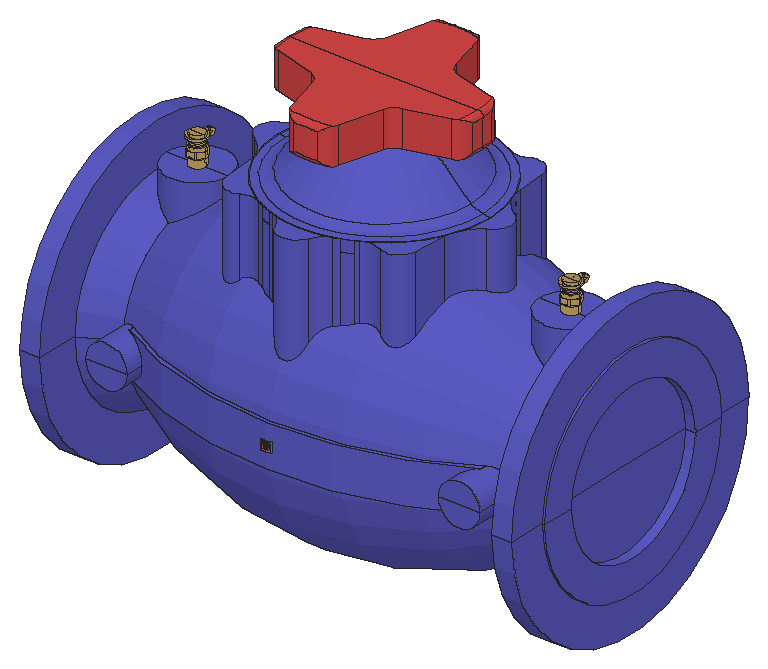
Revit family "HERZ Strömax Commissioning Valve With Test points, Straight Body 4218 GMF", category Rohrzubehör, Revit 2020
Family settings
  Bemaßung runder Anschluss = Durchmesser verwenden
  Teiletyp = Unterbricht
  OmniClass-Nummer = 23.65.55.14
  OmniClass-Titel = Valves for Liquid Services
  Arbeitsebenenbasiert = Nein
  Immer vertikal = Ja
  Beim Laden mit Abzugskörper schneiden = Nein
  Gemeinsam genutzt = Nein
Parameters
  kvs-value [instance] = if(Nennweite = 25.00 mm, 11.53, if(Nennweite = 32.00 mm, 16.6, if(Nennweite = 40.00 mm, 28.6, if(Nennweite = 50.00 mm, 37.84, if(Nennweite = 65.00 mm, 60.3, if(Nennweite = 80.00 mm, 67.8, if(Nennweite = 100.00 mm, 99.55, if(Nennweite = 125.00 mm, 186.58, if(Nennweite = 150.00 mm, 279.05, 0)))))))))  # 279.05
  W02 = 60.00°  # constant formula
  W01 [instance] = if(Nennweite = 25.00 mm, 10.00°, if(Nennweite = 32.00 mm, 10.00°, if(Nennweite = 40.00 mm, 15.00°, if(Nennweite = 50.00 mm, 10.00°, if(Nennweite = 65.00 mm, 25.00°, if(Nennweite = 80.00 mm, 25.00°, 0.80°))))))  # 0.80°
  Vorgabe-Ansicht = 0.00 mm
  Upper part (up to DN100) = "brass"  # constant formula
  Upper part (from DN125) = "grey cast iron"  # constant formula
  URL = "www.herzvalves.com"
  SCRNSEQ = "ARM;ARM_TYP=\"STRV\";2"
  SCRNCODE = "05;07;02"  # constant formula
  S01 [instance] = Nennweite + 10.00 mm  # 160.00 mm
  R02 [instance] = size_lookup("4218_GMF_", "R2", 1.00 mm, Nennweite)  # 30.00 mm
  R01 [instance] = size_lookup("4218_GMF_", "R1", 1.00 mm, Nennweite)  # 20.00 mm
  Part number [instance] = size_lookup("4218_GMF_", "Artnr", 0, Nennweite)  # 1421851
  O-Ring = "EPDM"  # constant formula
  Nennweite [instance] = 150.00 mm
  Model = "The STRÖMAX GMF commissioning valve with measuring valve, straight body DN 25 - 150:\r\nBody of grey cast iron GJL 250 according to EN 1561, flange according to EN 1092, PN 16;\r\nlength according to ÖNORM EN-558-1, basic series 1; painted blue.\r\nThermostatic upper part of brass to DN 100; from DN 125 thermstatic upper part of grey cast iron.\r\nDigital display of the pre-setting levels.\r\nNon-rising spindle with double O-ring seal."
  Medium = "Water purity in accordance with the ÖNORM H 5195 and VDI 2035 standards.\r\nEthylene and propylene glycol can be used in a ratio of 25-50 vol. [%] are mixed."
  Max. operating pressure = 1600000.0 Pa  # constant formula
  Max. operating temperature (up to DN32) = 130 °C  # constant formula
  Max. operating temperature (from DN40) = 110 °C  # constant formula
  L03 [instance] = size_lookup("4218_GMF_", "L3", 1.00 mm, Nennweite)  # 180.00 mm
  L02 [instance] = size_lookup("4218_GMF_", "L2", 1.00 mm, Nennweite)  # 170.00 mm
  L01 [instance] = size_lookup("4218_GMF_", "L1", 1.00 mm, Nennweite)  # 185.00 mm
  L00 [instance] = size_lookup("4218_GMF_", "L", 1.00 mm, Nennweite)  # 480.00 mm
  Hersteller = "HERZ Armaturen Ges.m.b.H."  # constant formula
  H08 [instance] = H02 + H04  # 238.50 mm
  H07 = 10.00 mm  # constant formula
  H06 [instance] = size_lookup("4218_GMF_", "H6", 1.00 mm, Nennweite)  # 56.00 mm
  H05 [instance] = size_lookup("4218_GMF_", "H5", 1.00 mm, Nennweite)  # 11.00 mm
  H04 [instance] = size_lookup("4218_GMF_", "H4", 1.00 mm, Nennweite)  # 78.50 mm
  H03 [instance] = size_lookup("4218_GMF_", "H3", 1.00 mm, Nennweite)  # 118.00 mm
  H02N [instance] = H02 + 11.00 mm  # 171.00 mm
  H02 [instance] = size_lookup("4218_GMF_", "H2", 1.00 mm, Nennweite)  # 160.00 mm
  H01 [instance] = size_lookup("4218_GMF_", "H1", 1.00 mm, Nennweite)  # 122.00 mm
  GT = 10.00 mm  # constant formula
  Field of application = "For hydraulic balancing in heating or cooling systems, regulating and shutting off distribution circuits, heat ex-changers, heating and cooling terminals."
  FLL02 [instance] = size_lookup("4218_GMF_", "FLL2", 1.00 mm, Nennweite)  # 19.00 mm
  FLL01 [instance] = size_lookup("4218_GMF_", "FLL1", 1.00 mm, Nennweite)  # 3.00 mm
  FLD03 [instance] = size_lookup("4218_GMF_", "FLD3", 1.00 mm, Nennweite)  # 84.20 mm
  FLD02 [instance] = size_lookup("4218_GMF_", "FLD2", 1.00 mm, Nennweite)  # 101.00 mm
  FLD01 [instance] = size_lookup("4218_GMF_", "FLD1", 1.00 mm, Nennweite)  # 106.00 mm
  FLD00 [instance] = size_lookup("4218_GMF_", "FLD", 1.00 mm, Nennweite)  # 142.50 mm
  Differential pressure measurement = "The STRÖMAX GMF double regulating and commissioning valve is equipped with two test points:\r\nIf a suitable measuring device is used, the differential pressure can be measured and the respective flow rate can be determined depending on the setting level.\r\nThe respective flow rate can also be read directly on the HERZ measuring computer (see device manual)."
  DN80 [instance] = Nennweite = 80.00 mm  # no
  DN65 [instance] = Nennweite = 65.00 mm  # no
  DN50-DN80 [instance] = or(Nennweite = 50.00 mm, Nennweite = 65.00 mm, Nennweite = 80.00 mm)  # no
  DN50 [instance] = Nennweite = 50.00 mm  # no
  DN40 [instance] = Nennweite = 40.00 mm  # no
  DN32 [instance] = Nennweite = 32.00 mm  # no
  DN25-DN40 [instance] = or(Nennweite = 25.00 mm, Nennweite = 32.00 mm, Nennweite = 40.00 mm)  # no
  DN25 [instance] = Nennweite = 25.00 mm  # no
  DN150 [instance] = Nennweite = 150.00 mm  # yes
  DN125 [instance] = Nennweite = 125.00 mm  # no
  DN100-DN125 [instance] = or(Nennweite = 100.00 mm, Nennweite = 125.00 mm, Nennweite = 150.00 mm)  # yes
  DN100 [instance] = Nennweite = 100.00 mm  # no
  D04 [instance] = size_lookup("4218_GMF_", "D4", 1.00 mm, Nennweite)  # 15.00 mm
  D03 [instance] = size_lookup("4218_GMF_", "D3", 1.00 mm, Nennweite)  # 16.00 mm
  D02 [instance] = size_lookup("4218_GMF_", "D2", 1.00 mm, Nennweite)  # 17.00 mm
  D01 [instance] = size_lookup("4218_GMF_", "D1", 1.00 mm, Nennweite)  # 102.50 mm
  D00 [instance] = size_lookup("4218_GMF_", "D", 1.00 mm, Nennweite)  # 140.00 mm
  Body = "grey cast iron GJL 250 according to EN 1561"  # constant formula
  BH02 [instance] = -BH01  # -20.00 mm
  BH01 [instance] = if(Nennweite = 25.00 mm, 12.00 mm, if(Nennweite = 32.00 mm, 12.50 mm, if(Nennweite = 40.00 mm, 12.50 mm, if(Nennweite = 50.00 mm, 12.50 mm, if(Nennweite = 65.00 mm, 15.00 mm, if(Nennweite = 80.00 mm, 16.00 mm, if(Nennweite = 100.00 mm, 17.50 mm, if(Nennweite = 125.00 mm, 17.50 mm, if(Nennweite = 150.00 mm, 20.00 mm, 1.00 mm)))))))))  # 20.00 mm
  Anschluss [instance] = Nennweite / 2  # 75.00 mm
Reference planes
  plane 1 "Mitte (Vorne/hinten)": y = 0
  plane 2: z = 0
  plane 3 "Mitte (Links/rechts)": x = 0
Forms (mm)
  Revolve 1, solid, material "Herz-Marineblau", detail levels fine
    sketch origin (1058.943, 0, 0) x (1, 0, 0) y (0, 1, 0)
      loop
        line (-1295.943, 142.5) -> (-1295.943, 106) -> (-1298.943, 106) -> (-1298.943, 75) -> (-1288.943, 75) -> (-1288.943, 0) -> (-828.943, 0) -> (-828.943, 75) -> (-818.943, 75) -> (-818.943, 106) -> (-821.943, 106) -> (-821.943, 142.5) -> (-840.943, 142.5) -> (-840.943, 101) -> (-873.943, 84.2)
        arc (-873.943, 84.2) -> (-1058.943, 140) -> (-1243.943, 84.2) r 334.576
        line (-1243.943, 84.2) -> (-1276.943, 101) -> (-1276.943, 142.5) -> (-1295.943, 142.5)
      axis (-1298.943, 0) -> (-818.943, 0)
    angle from 0 to 360
  Revolve 2, solid, material "Herz-Marineblau", detail levels fine
    sketch origin (0, 0, 0) x (1, 0, 0) y (0, 1, 0)
      loop
        line (-170, 122) -> (-190, 122) -> (-190, -122) -> (-170, -122) -> (-170, 122)
      axis (-170, 122) -> (-170, -122)
    angle from 0 to 360
  Revolve 3, solid, material "Herz-Marineblau", detail levels fine
    sketch origin (0, 0, 0) x (-1, 0, 0) y (0, 1, 0)
      loop
        line (-170, 122) -> (-190, 122) -> (-190, -122) -> (-170, -122) -> (-170, 122)
      axis (-170, 122) -> (-170, -122)
    angle from 0 to 360
  Revolve 4, solid, material "Herz-Marineblau", detail levels fine
    sketch origin (0, 0, 0) x (1, 0, 0) y (0, 0, 1)
      loop
        line (0, 0) -> (0, 160) -> (-102.5, 160) -> (-102.5, 0) -> (0, 0)
      axis (0, 160) -> (0, 0)
    angle from 0 to 360
  Revolve 5, solid, material "Herz-Marineblau", detail levels fine
    sketch origin (0, 0, 0) x (1, 0, 0) y (0, 0, 1)
      loop
        line (-178.413, 4.322) -> (-148.416, 4.741) -> (-150.003, 118.419) -> (-180, 118) -> (-178.413, 4.322)
      axis (-180, 118) -> (-178.413, 4.322)
    angle from 0 to 360
  Revolve 6, solid, material "Herz-Marineblau", detail levels fine
    sketch origin (0, 0, 0) x (-1, 0, 0) y (0, 0, 1)
      loop
        line (-178.413, 4.322) -> (-148.416, 4.741) -> (-150.003, 118.419) -> (-180, 118) -> (-178.413, 4.322)
      axis (-180, 118) -> (-178.413, 4.322)
    angle from 0 to 360
  Extrusion 7, solid, material "Herz-Marineblau", visible <- "DN25", detail levels fine
    sketch origin (0, 0, 0) x (1, 0, 0) y (0, 1, 0)
      loop
        line (-40, 18.232) -> (-40, -18.232)
        arc (-40, -18.232) -> (0, -31) -> (40, -18.232) r 69.038
        line (40, -18.232) -> (40, 18.232)
        arc (40, 18.232) -> (0, 31) -> (-40, 18.232) r 69.038
    from -20 <- "BH02" to 20 <- "BH01"
  Extrusion 8, solid, material "Herz-Marineblau", visible <- "DN32", detail levels fine
    sketch origin (0, 0, 0) x (1, 0, 0) y (0, 1, 0)
      loop
        line (-50, 21.35) -> (-50, -21.35)
        arc (-50, -21.35) -> (0, -37) -> (50, -21.35) r 87.698
        line (50, -21.35) -> (50, 21.35)
        arc (50, 21.35) -> (0, 37) -> (-50, 21.35) r 87.698
    from -20 <- "BH02" to 20 <- "BH01"
  Extrusion 9, solid, material "Herz-Marineblau", visible <- "DN40", detail levels fine
    sketch origin (0, 0, 0) x (1, 0, 0) y (0, 1, 0)
      loop
        arc (-60, -22.89) -> (0, -39) -> (60, -22.89) r 119.787
        line (60, -22.89) -> (60, 22.89)
        arc (60, 22.89) -> (0, 39) -> (-60, 22.89) r 119.787
        line (-60, 22.89) -> (-60, -22.89)
    from -20 <- "BH02" to 20 <- "BH01"
  Extrusion 10, solid, material "Herz-Marineblau", visible <- "DN50", detail levels fine
    sketch origin (0, 0, 0) x (1, 0, 0) y (0, 1, 0)
      loop
        line (70, -31.244) -> (70, 31.244)
        arc (70, 31.244) -> (0, 44) -> (-70, 31.244) r 198.442
        line (-70, 31.244) -> (-70, -31.244)
        arc (-70, -31.244) -> (0, -44) -> (70, -31.244) r 198.442
    from -20 <- "BH02" to 20 <- "BH01"
  Extrusion 11, solid, material "Herz-Marineblau", visible <- "DN65", detail levels fine
    sketch origin (0, 0, 0) x (1, 0, 0) y (0, 1, 0)
      loop
        line (-89, 42.065) -> (-89, -42.065)
        arc (-89, -42.065) -> (0, -53) -> (89, -42.065) r 367.662
        line (89, -42.065) -> (89, 42.065)
        arc (89, 42.065) -> (0, 53) -> (-89, 42.065) r 367.662
    from -20 <- "BH02" to 20 <- "BH01"
  Extrusion 12, solid, material "Herz-Marineblau", visible <- "DN80", detail levels fine
    sketch origin (0, 0, 0) x (1, 0, 0) y (0, 1, 0)
      loop
        arc (-100, -47.474) -> (0, -56.538) -> (100, -47.474) r 556.156
        line (100, -47.474) -> (100, 47.474)
        arc (100, 47.474) -> (0, 56.538) -> (-100, 47.474) r 556.156
        line (-100, 47.474) -> (-100, -47.474)
    from -20 <- "BH02" to 20 <- "BH01"
  Extrusion 13, solid, material "Herz-Marineblau", visible <- "DN100", detail levels fine
    sketch origin (0, 0, 0) x (1, 0, 0) y (0, 1, 0)
      loop
        line (-118, 61.457) -> (-118, -61.457)
        arc (-118, -61.457) -> (0, -84.506) -> (118, -61.457) r 313.571
        line (118, -61.457) -> (118, 61.457)
        arc (118, 61.457) -> (0, 84.506) -> (-118, 61.457) r 313.571
    from -20 <- "BH02" to 20 <- "BH01"
  Extrusion 14, solid, material "Herz-Marineblau", visible <- "DN125", detail levels fine
    sketch origin (0, 0, 0) x (1, 0, 0) y (0, 1, 0)
      loop
        line (-140, 76.087) -> (-140, -76.087)
        arc (-140, -76.087) -> (0, -121.009) -> (140, -76.087) r 240.621
        line (140, -76.087) -> (140, 76.087)
        arc (140, 76.087) -> (0, 121.009) -> (-140, 76.087) r 240.621
    from -20 <- "BH02" to 20 <- "BH01"
  Extrusion 15, solid, material "Herz-Marineblau", visible <- "DN150", detail levels fine
    sketch origin (0, 0, 0) x (1, 0, 0) y (0, 1, 0)
      loop
        arc (-170, -95.905) -> (0, -141.967) -> (170, -95.905) r 336.739
        line (170, -95.905) -> (170, 95.905)
        arc (170, 95.905) -> (0, 141.967) -> (-170, 95.905) r 336.739
        line (-170, 95.905) -> (-170, -95.905)
    from -20 <- "BH02" to 20 <- "BH01"
  Extrusion 16, solid, material "Herz-Marineblau", visible <- "DN125", detail levels fine
    sketch origin (0, 0, 0) x (1, 0, 0) y (0, 1, 0)
      loop
        arc (15.676, 98.149) -> (0, 109.5) -> (-15.676, 98.149) r 16.5
        arc (-15.676, 98.149) -> (-20.502, 90.282) -> (-28.346, 85.419) r 20
        arc (-28.346, 85.419) -> (-34.369, 83.168) -> (-40.215, 80.492) r 90
        arc (-40.215, 80.492) -> (-49.468, 78.32) -> (-58.678, 80.663) r 20
        arc (-58.678, 80.663) -> (-75.166, 79.318) -> (-82.2, 64.344) r 16.5
        line (-82.2, 64.344) -> (-85.23, 28.819)
        arc (-85.23, 28.819) -> (-90.21, 20.539) -> (-98.49, 15.56) r 20
        arc (-98.49, 15.56) -> (-109.5, 0) -> (-98.49, -15.56) r 16.5
        arc (-98.49, -15.56) -> (-90.21, -20.539) -> (-85.23, -28.819) r 20
        line (-85.23, -28.819) -> (-82.2, -64.344)
        arc (-82.2, -64.344) -> (-75.166, -79.318) -> (-58.678, -80.663) r 16.5
        arc (-58.678, -80.663) -> (-49.468, -78.32) -> (-40.215, -80.492) r 20
        arc (-40.215, -80.492) -> (-34.369, -83.168) -> (-28.346, -85.419) r 90
        arc (-28.346, -85.419) -> (-20.502, -90.282) -> (-15.676, -98.149) r 20
        arc (-15.676, -98.149) -> (0, -109.5) -> (15.676, -98.149) r 16.5
        arc (15.676, -98.149) -> (20.502, -90.282) -> (28.346, -85.419) r 20
        arc (28.346, -85.419) -> (34.369, -83.168) -> (40.215, -80.492) r 90
        arc (40.215, -80.492) -> (49.468, -78.32) -> (58.678, -80.663) r 20
        arc (58.678, -80.663) -> (75.166, -79.318) -> (82.2, -64.344) r 16.5
        line (82.2, -64.344) -> (85.23, -28.819)
        arc (85.23, -28.819) -> (90.21, -20.539) -> (98.49, -15.56) r 20
        arc (98.49, -15.56) -> (109.5, 0) -> (98.49, 15.56) r 16.5
        arc (98.49, 15.56) -> (90.21, 20.539) -> (85.23, 28.819) r 20
        line (85.23, 28.819) -> (82.2, 64.344)
        arc (82.2, 64.344) -> (75.166, 79.318) -> (58.678, 80.663) r 16.5
        arc (58.678, 80.663) -> (49.468, 78.32) -> (40.215, 80.492) r 20
        arc (40.215, 80.492) -> (34.369, 83.168) -> (28.346, 85.419) r 90
        arc (28.346, 85.419) -> (20.502, 90.282) -> (15.676, 98.149) r 20
    from 0 to 171 <- "H02N"
  Extrusion 17, solid, material "Herz-Marineblau", visible <- "DN150", detail levels fine
    sketch origin (0, 0, 0) x (1, 0, 0) y (0, 1, 0)
      loop
        arc (16.1, 110.958) -> (0, 122.5) -> (-16.1, 110.958) r 17
        arc (-16.1, 110.958) -> (-21.16, 102.981) -> (-29.318, 98.218) r 19.995
        arc (-29.318, 98.218) -> (-39.225, 94.698) -> (-48.72, 90.181) r 102.5
        arc (-48.72, 90.181) -> (-57.856, 87.781) -> (-67.075, 89.844) r 19.995
        arc (-67.075, 89.844) -> (-82.996, 89.381) -> (-91.547, 75.943) r 17
        line (-91.547, 75.943) -> (-94.4, 39.936)
        arc (-94.4, 39.936) -> (-101.42, 25.402) -> (-113.679, 14.903) r 39.4
        arc (-113.679, 14.903) -> (-122.5, 0) -> (-113.679, -14.903) r 17
        arc (-113.679, -14.903) -> (-101.42, -25.402) -> (-94.4, -39.936) r 39.4
        line (-94.4, -39.936) -> (-91.547, -75.943)
        arc (-91.547, -75.943) -> (-82.996, -89.381) -> (-67.075, -89.844) r 17
        arc (-67.075, -89.844) -> (-57.856, -87.781) -> (-48.72, -90.181) r 19.995
        arc (-48.72, -90.181) -> (-39.225, -94.698) -> (-29.318, -98.218) r 102.5
        arc (-29.318, -98.218) -> (-21.16, -102.981) -> (-16.1, -110.958) r 19.995
        arc (-16.1, -110.958) -> (0, -122.5) -> (16.1, -110.958) r 17
        arc (16.1, -110.958) -> (21.16, -102.981) -> (29.318, -98.218) r 19.995
        arc (29.318, -98.218) -> (39.225, -94.698) -> (48.72, -90.181) r 102.5
        arc (48.72, -90.181) -> (57.856, -87.781) -> (67.075, -89.844) r 19.995
        arc (67.075, -89.844) -> (82.996, -89.381) -> (91.547, -75.943) r 17
        line (91.547, -75.943) -> (93.96, -45.484)
        arc (93.96, -45.484) -> (99.132, -28.867) -> (110.958, -16.1) r 39.4
        arc (110.958, -16.1) -> (122.5, 0) -> (110.958, 16.1) r 17
        arc (110.958, 16.1) -> (99.132, 28.867) -> (93.96, 45.484) r 39.4
        line (93.96, 45.484) -> (91.547, 75.943)
        arc (91.547, 75.943) -> (82.996, 89.381) -> (67.075, 89.844) r 17
        arc (67.075, 89.844) -> (57.856, 87.781) -> (48.72, 90.181) r 19.995
        arc (48.72, 90.181) -> (39.225, 94.698) -> (29.318, 98.218) r 102.5
        arc (29.318, 98.218) -> (21.16, 102.981) -> (16.1, 110.958) r 19.995
    from 0 to 171 <- "H02N"
  Revolve 18, solid, material "Herz-Marineblau", detail levels fine
    sketch origin (0, 0, 0) x (1, 0, 0) y (0, 0, 1)
      loop
        line (0, 160) -> (0, 238.5) -> (-15, 238.5) -> (-15, 228.5) -> (-16, 228.5) -> (-16, 227) -> (-17, 227) -> (-17, 171) -> (-102.5, 171) -> (-102.5, 160) -> (0, 160)
      axis (0, 238.5) -> (0, 160)
    angle from 0 to 360
  Revolve 19, solid, material "Herz-Marineblau", visible <- "DN125", detail levels fine
    sketch origin (0, 0, 143) x (1, 0, 0) y (0, 0, 1)
      loop
        line (0, 0) -> (0, 62) -> (-15, 62) -> (-15, 52) -> (-21.8, 52)
        arc (-21.8, 52) -> (-23.44, 48.297) -> (-27.284, 47.023) r 5
        arc (-27.284, 47.023) -> (-30.294, 46.63) -> (-32.827, 44.959) r 6.752
        arc (-32.827, 44.959) -> (-52.854, 27.042) -> (-71.197, 7.406) r 300
        arc (-71.197, 7.406) -> (-77.249, 2.612) -> (-84.666, 0.467) r 20
        line (-84.666, 0.467) -> (-90, 0) -> (0, 0)
      axis (0, 62) -> (0, 0)
    angle from 0 to 360
  Revolve 20, solid, material "Herz-Marineblau", visible <- "DN150", detail levels fine
    sketch origin (0, 0, 171) x (1, 0, 0) y (0, 0, 1)
      loop
        line (0, 67.5) -> (-15, 67.5) -> (-15, 57.5) -> (-21.8, 57.5)
        arc (-21.8, 57.5) -> (-23.44, 53.797) -> (-27.284, 52.523) r 5
        arc (-27.284, 52.523) -> (-29.026, 52.21) -> (-30.549, 51.31) r 5
        arc (-30.549, 51.31) -> (-58.499, 29.932) -> (-83.754, 5.428) r 300
        arc (-83.754, 5.428) -> (-89.037, 2.148) -> (-95.072, 0.65) r 20
        line (-95.072, 0.65) -> (-102.5, 0) -> (0, 0) -> (0, 67.5)
      axis (0, 67.5) -> (0, 0)
    angle from 0 to 360
Lines and regions (mm)
  model lines, detail levels coarse+medium
    curve 1: line (-240, 0, 142.5) -> (-240, 0, -142.5)
    curve 2: line (-240, 0, -142.5) -> (240, 0, 142.5)
    curve 3: line (240, 0, 142.5) -> (240, 0, -142.5)
    curve 4: line (240, 0, -142.5) -> (-240, 0, 142.5)
    curve 5: line (0, 0, 0) -> (137.698, 0, 238.5)
    curve 6: line (68.416, 0, 278.5) -> (206.98, 0, 198.5)
    curve 7: line (-240, 142.5, 0) -> (-240, -142.5, 0)
    curve 8: line (-240, -142.5, 0) -> (240, 142.5, 0)
    curve 9: line (240, 142.5, 0) -> (240, -142.5, 0)
    curve 10: line (240, -142.5, 0) -> (-240, 142.5, 0)
    curve 11: line (0, 0, 0) -> (137.698, 238.5, 0)
    curve 12: line (68.416, 278.5, 0) -> (206.98, 198.5, 0)
Dimensions and locks
  "FLD00": plane 1 "Mitte (Vorne/hinten)" to Revolve 1 sketch curve
  "FLD01": plane 1 "Mitte (Vorne/hinten)" to Revolve 1 sketch curve
  "FLD02": plane 1 "Mitte (Vorne/hinten)" to Revolve 1 sketch curve  (x2)
  "FLD03": plane 1 "Mitte (Vorne/hinten)" to Revolve 1 sketch curve  (x2)
  "GT": Revolve 1 sketch curve to Revolve 1 sketch curve  (x2)
  "FLL01": Revolve 1 sketch curve to Revolve 1 sketch curve  (x2)
  "FLL02": Revolve 1 sketch curve to Revolve 1 sketch curve  (x2)
  equal spacing: Revolve 1 sketch curve, plane 3 "Mitte (Links/rechts)", Revolve 1 sketch curve
  "Anschluss": Revolve 1 sketch curve to plane 1 "Mitte (Vorne/hinten)"
  "Anschluss": plane 1 "Mitte (Vorne/hinten)" to Revolve 1 sketch curve
  "FLD01": Revolve 1 sketch curve to plane 1 "Mitte (Vorne/hinten)"
  "FLD00": Revolve 1 sketch curve to plane 1 "Mitte (Vorne/hinten)"
  "L00": Revolve 1 sketch curve to Revolve 1 sketch curve
  "D00": plane 1 "Mitte (Vorne/hinten)" to Revolve 1 sketch curve
  "L01": Revolve 1 sketch curve to plane 3 "Mitte (Links/rechts)" to Revolve 1 sketch curve
  "L02": Revolve 2 sketch curve to plane 3 "Mitte (Links/rechts)"
  "R01": Revolve 2 sketch curve to Revolve 2 sketch curve
  "H01": Revolve 2 sketch curve to plane 1 "Mitte (Vorne/hinten)" to Revolve 2 sketch curve
  "L02": plane 3 "Mitte (Links/rechts)" to Revolve 3 sketch curve
  "R01": Revolve 3 sketch curve to Revolve 3 sketch curve
  "H01": Revolve 3 sketch curve to plane 1 "Mitte (Vorne/hinten)" to Revolve 3 sketch curve
  "D01": plane 3 "Mitte (Links/rechts)" to Revolve 4 sketch curve
  "H02": Revolve 4 sketch curve to plane 2
  "H03": Revolve 5 sketch curve to plane 2  (x2)
  "R02": Revolve 5 sketch curve to Revolve 5 sketch curve
  "L03": plane 3 "Mitte (Links/rechts)" to Revolve 5 sketch curve  (x2)
  "R02": Revolve 6 sketch curve to Revolve 6 sketch curve
  "L03": Revolve 6 sketch curve to plane 3 "Mitte (Links/rechts)"  (x2)
  "H03": Revolve 6 sketch curve to plane 2  (x2)
  "D01": plane 3 "Mitte (Links/rechts)" to Revolve 18 sketch curve
  "D02": plane 3 "Mitte (Links/rechts)" to Revolve 18 sketch curve
  "D03": plane 3 "Mitte (Links/rechts)" to Revolve 18 sketch curve
  "D04": plane 3 "Mitte (Links/rechts)" to Revolve 18 sketch curve
  "H02": Revolve 18 sketch curve to plane 2
  "H04": Revolve 18 sketch curve to Revolve 18 sketch curve
  "H05": Revolve 18 sketch curve to Revolve 18 sketch curve
  "H06": Revolve 18 sketch curve to Revolve 18 sketch curve
  "H07": Revolve 18 sketch curve to Revolve 18 sketch curve
  "H08": nested 28 to plane 2
  "H08": nested 29 to plane 2
  "H08": nested 30 to plane 2
  "FLD00": curve 4 to plane 2 to curve 2
  "FLD00": curve 3 to plane 2 to curve 4
  equal spacing: curve 1, plane 3 "Mitte (Links/rechts)", curve 3
  "L00": curve 1 to curve 3
  equal spacing: curve 1, curve 5, curve 3
  "H08": curve 5 to plane 2
  equal spacing: curve 6, curve 5, curve 6
  "S01": curve 6 to curve 6
  "FLD00": curve 8 to plane 1 "Mitte (Vorne/hinten)" to curve 10
  "FLD00": curve 10 to plane 1 "Mitte (Vorne/hinten)" to curve 9
  equal spacing: curve 7, plane 3 "Mitte (Links/rechts)", curve 9
  "L00": curve 7 to curve 9
  equal spacing: curve 7, curve 11, curve 9
  "H08": plane 1 "Mitte (Vorne/hinten)" to curve 11
  equal spacing: curve 12, curve 11, curve 12
  "S01": curve 12 to curve 12
  "W01": angle plane 3 "Mitte (Links/rechts)" to Revolve 5 sketch curve  (x2)
  "W01": angle Revolve 6 sketch curve to plane 3 "Mitte (Links/rechts)"  (x2)
  "W02": angle plane 2 to curve 5
  "W02": angle plane 1 "Mitte (Vorne/hinten)" to curve 11
  aligned and locked: level to plane 2
Automatic sketch dimensions
  Extrusion 7 sketch curve to plane 3 "Mitte (Links/rechts)" = 0.00 mm  (x2)
  Extrusion 7 sketch curve to plane 1 "Mitte (Vorne/hinten)" = 18.232 mm  (x2)
  Extrusion 7 sketch curve to plane 3 "Mitte (Links/rechts)" = 40.00 mm
  plane 1 "Mitte (Vorne/hinten)" to Extrusion 7 sketch curve = 18.232 mm
  plane 1 "Mitte (Vorne/hinten)" to Extrusion 7 sketch curve = 38.038 mm
  Extrusion 7 sketch curve to plane 1 "Mitte (Vorne/hinten)" = 38.038 mm
  Extrusion 8 sketch curve to plane 3 "Mitte (Links/rechts)" = 0.00 mm  (x2)
  plane 1 "Mitte (Vorne/hinten)" to Extrusion 8 sketch curve = 21.35 mm  (x2)
  Extrusion 8 sketch curve to plane 3 "Mitte (Links/rechts)" = 50.00 mm
  plane 1 "Mitte (Vorne/hinten)" to Extrusion 8 sketch curve = 50.698 mm
  Extrusion 8 sketch curve to plane 1 "Mitte (Vorne/hinten)" = 21.35 mm
  Extrusion 8 sketch curve to plane 1 "Mitte (Vorne/hinten)" = 50.698 mm
  Extrusion 9 sketch curve to plane 3 "Mitte (Links/rechts)" = 0.00 mm  (x2)
  Extrusion 9 sketch curve to plane 1 "Mitte (Vorne/hinten)" = 22.89 mm  (x2)
  Extrusion 9 sketch curve to plane 3 "Mitte (Links/rechts)" = 60.00 mm
  plane 1 "Mitte (Vorne/hinten)" to Extrusion 9 sketch curve = 22.89 mm
  plane 1 "Mitte (Vorne/hinten)" to Extrusion 9 sketch curve = 80.787 mm
  Extrusion 9 sketch curve to plane 1 "Mitte (Vorne/hinten)" = 80.787 mm
  Extrusion 10 sketch curve to plane 3 "Mitte (Links/rechts)" = 0.00 mm  (x2)
  plane 1 "Mitte (Vorne/hinten)" to Extrusion 10 sketch curve = 31.244 mm  (x2)
  Extrusion 10 sketch curve to plane 3 "Mitte (Links/rechts)" = 70.00 mm
  Extrusion 10 sketch curve to Extrusion 10 sketch curve = 123.198 mm  (x2)
  Extrusion 10 sketch curve to plane 1 "Mitte (Vorne/hinten)" = 31.244 mm
  Extrusion 11 sketch curve to plane 3 "Mitte (Links/rechts)" = 0.00 mm  (x2)
  plane 1 "Mitte (Vorne/hinten)" to Extrusion 11 sketch curve = 42.065 mm  (x2)
  Extrusion 11 sketch curve to plane 3 "Mitte (Links/rechts)" = 89.00 mm
  Extrusion 11 sketch curve to Extrusion 11 sketch curve = 272.597 mm  (x2)
  Extrusion 11 sketch curve to plane 1 "Mitte (Vorne/hinten)" = 42.065 mm
  Extrusion 12 sketch curve to plane 3 "Mitte (Links/rechts)" = 0.00 mm  (x2)
  Extrusion 12 sketch curve to plane 1 "Mitte (Vorne/hinten)" = 47.474 mm
  Extrusion 12 sketch curve to plane 3 "Mitte (Links/rechts)" = 100.00 mm
  plane 1 "Mitte (Vorne/hinten)" to Extrusion 12 sketch curve = 47.474 mm
  plane 3 "Mitte (Links/rechts)" to Extrusion 12 sketch curve = 100.00 mm
  Extrusion 12 sketch curve to Extrusion 12 sketch curve = 452.143 mm  (x2)
  Extrusion 13 sketch curve to plane 3 "Mitte (Links/rechts)" = 0.00 mm  (x2)
  plane 1 "Mitte (Vorne/hinten)" to Extrusion 13 sketch curve = 61.457 mm  (x2)
  Extrusion 13 sketch curve to plane 3 "Mitte (Links/rechts)" = 118.00 mm
  Extrusion 13 sketch curve to Extrusion 13 sketch curve = 167.608 mm  (x2)
  Extrusion 13 sketch curve to plane 1 "Mitte (Vorne/hinten)" = 61.457 mm
  Extrusion 14 sketch curve to plane 3 "Mitte (Links/rechts)" = 0.00 mm  (x2)
  plane 1 "Mitte (Vorne/hinten)" to Extrusion 14 sketch curve = 76.087 mm  (x2)
  Extrusion 14 sketch curve to plane 3 "Mitte (Links/rechts)" = 140.00 mm
  plane 1 "Mitte (Vorne/hinten)" to Extrusion 14 sketch curve = 119.612 mm
  Extrusion 14 sketch curve to plane 1 "Mitte (Vorne/hinten)" = 76.087 mm
  Extrusion 14 sketch curve to plane 1 "Mitte (Vorne/hinten)" = 119.612 mm
  Extrusion 15 sketch curve to plane 3 "Mitte (Links/rechts)" = 0.00 mm  (x2)
  Extrusion 15 sketch curve to plane 1 "Mitte (Vorne/hinten)" = 95.905 mm  (x2)
  Extrusion 15 sketch curve to plane 3 "Mitte (Links/rechts)" = 170.00 mm
  plane 1 "Mitte (Vorne/hinten)" to Extrusion 15 sketch curve = 95.905 mm
  plane 1 "Mitte (Vorne/hinten)" to Extrusion 15 sketch curve = 194.771 mm
  Extrusion 15 sketch curve to plane 1 "Mitte (Vorne/hinten)" = 194.771 mm
  plane 1 "Mitte (Vorne/hinten)" to Extrusion 16 sketch curve = 0.00 mm  (x2)
  Extrusion 16 sketch curve to plane 3 "Mitte (Links/rechts)" = 0.00 mm  (x2)
  plane 1 "Mitte (Vorne/hinten)" to Extrusion 16 sketch curve = 0.047 mm  (x2)
  Extrusion 16 sketch curve to plane 3 "Mitte (Links/rechts)" = 0.141 mm
  Extrusion 16 sketch curve to plane 1 "Mitte (Vorne/hinten)" = 0.047 mm  (x2)
  Extrusion 16 sketch curve to Extrusion 16 sketch curve = 0.00 mm  (x10)
  Extrusion 16 sketch curve to plane 3 "Mitte (Links/rechts)" = 34.677 mm  (x2)
  Extrusion 16 sketch curve to Extrusion 16 sketch curve = 14.605 mm  (x4)
  Extrusion 16 sketch curve to Extrusion 16 sketch curve = 16.479 mm  (x4)
  Extrusion 16 sketch curve to Extrusion 16 sketch curve = 16.439 mm  (x4)
  Extrusion 16 sketch curve to Extrusion 16 sketch curve = 3.03 mm  (x4)
  plane 1 "Mitte (Vorne/hinten)" to Extrusion 16 sketch curve = 28.819 mm  (x2)
  Extrusion 16 sketch curve to Extrusion 16 sketch curve = 7.77 mm  (x2)
  Extrusion 16 sketch curve to Extrusion 16 sketch curve = 19.122 mm  (x4)
  plane 3 "Mitte (Links/rechts)" to Extrusion 16 sketch curve = 0.141 mm
  plane 3 "Mitte (Links/rechts)" to Extrusion 16 sketch curve = 34.677 mm  (x2)
  Extrusion 16 sketch curve to Extrusion 16 sketch curve = 5.862 mm  (x4)
  Extrusion 16 sketch curve to Extrusion 16 sketch curve = 35.525 mm  (x4)
  Extrusion 16 sketch curve to Extrusion 16 sketch curve = 1.417 mm  (x4)
  Extrusion 16 sketch curve to Extrusion 16 sketch curve = 27.239 mm  (x2)
  Extrusion 16 sketch curve to Extrusion 16 sketch curve = 32.558 mm  (x4)
  Extrusion 16 sketch curve to Extrusion 16 sketch curve = 6.072 mm  (x4)
  Extrusion 16 sketch curve to plane 1 "Mitte (Vorne/hinten)" = 28.819 mm  (x2)
  Extrusion 16 sketch curve to plane 3 "Mitte (Links/rechts)" = 15.676 mm  (x2)
  Extrusion 16 sketch curve to Extrusion 16 sketch curve = 11.869 mm  (x4)
  Extrusion 16 sketch curve to plane 1 "Mitte (Vorne/hinten)" = 15.56 mm
  plane 1 "Mitte (Vorne/hinten)" to Extrusion 16 sketch curve = 15.56 mm
  Extrusion 17 sketch curve to Extrusion 17 sketch curve = 0.00 mm  (x25)
  plane 1 "Mitte (Vorne/hinten)" to Extrusion 17 sketch curve = 0.00 mm  (x3)
  Extrusion 17 sketch curve to plane 3 "Mitte (Links/rechts)" = 0.00 mm  (x3)
  Extrusion 17 sketch curve to plane 3 "Mitte (Links/rechts)" = 35.037 mm  (x2)
  Extrusion 17 sketch curve to Extrusion 17 sketch curve = 23.187 mm  (x4)
  Extrusion 17 sketch curve to Extrusion 17 sketch curve = 16.376 mm  (x4)
  Extrusion 17 sketch curve to Extrusion 17 sketch curve = 16.947 mm  (x4)
  Extrusion 17 sketch curve to plane 1 "Mitte (Vorne/hinten)" = 39.936 mm
  Extrusion 17 sketch curve to Extrusion 17 sketch curve = 2.853 mm  (x2)
  plane 1 "Mitte (Vorne/hinten)" to Extrusion 17 sketch curve = 39.936 mm
  Extrusion 17 sketch curve to Extrusion 17 sketch curve = 11.10 mm
  Extrusion 17 sketch curve to Extrusion 17 sketch curve = 38.236 mm  (x2)
  plane 3 "Mitte (Links/rechts)" to Extrusion 17 sketch curve = 35.037 mm  (x2)
  plane 1 "Mitte (Vorne/hinten)" to Extrusion 17 sketch curve = 45.484 mm
  Extrusion 17 sketch curve to Extrusion 17 sketch curve = 2.414 mm  (x2)
  Extrusion 17 sketch curve to plane 1 "Mitte (Vorne/hinten)" = 45.484 mm
  Extrusion 17 sketch curve to Extrusion 17 sketch curve = 11.54 mm
  Extrusion 17 sketch curve to Extrusion 17 sketch curve = 39.277 mm  (x2)
  Extrusion 17 sketch curve to Extrusion 17 sketch curve = 3.113 mm  (x2)
  Extrusion 17 sketch curve to Extrusion 17 sketch curve = 9.507 mm  (x2)
  Extrusion 17 sketch curve to Extrusion 17 sketch curve = 29.116 mm  (x2)
  Extrusion 17 sketch curve to Extrusion 17 sketch curve = 34.664 mm  (x2)
  Extrusion 17 sketch curve to Extrusion 17 sketch curve = 1.343 mm  (x4)
  Extrusion 17 sketch curve to Extrusion 17 sketch curve = 30.90 mm  (x2)
  Extrusion 17 sketch curve to Extrusion 17 sketch curve = 33.174 mm  (x4)
  Extrusion 17 sketch curve to Extrusion 17 sketch curve = 9.604 mm  (x4)
  Extrusion 17 sketch curve to plane 3 "Mitte (Links/rechts)" = 16.10 mm  (x2)
  plane 1 "Mitte (Vorne/hinten)" to Extrusion 17 sketch curve = 16.10 mm
  Revolve 19 sketch curve to plane 3 "Mitte (Links/rechts)" = 0.00 mm  (x2)
  Revolve 19 sketch curve to Revolve 19 sketch curve = 15.00 mm
  Revolve 19 sketch curve to Revolve 19 sketch curve = 6.80 mm
  Revolve 19 sketch curve to Revolve 19 sketch curve = 5.00 mm
  Revolve 19 sketch curve to Revolve 19 sketch curve = 1.137 mm
  Revolve 19 sketch curve to Revolve 19 sketch curve = 56.729 mm
  Revolve 19 sketch curve to Revolve 19 sketch curve = 1.743 mm
  Revolve 19 sketch curve to Revolve 19 sketch curve = 5.334 mm
  Revolve 19 sketch curve to level = 44.36 mm
  plane 3 "Mitte (Links/rechts)" to Revolve 19 sketch curve = 156.983 mm
  level to Revolve 19 sketch curve = 143.00 mm
  Revolve 19 sketch curve to Revolve 19 sketch curve = 0.467 mm
  Revolve 19 sketch curve to Revolve 19 sketch curve = 19.924 mm
  Revolve 19 sketch curve to Revolve 19 sketch curve = 40.303 mm
  Revolve 19 sketch curve to Revolve 19 sketch curve = 11.697 mm
  Revolve 19 sketch curve to Revolve 19 sketch curve = 10.00 mm
  Revolve 19 sketch curve to Revolve 19 sketch curve = 0.00 mm
  Revolve 19 sketch curve to Revolve 19 sketch curve = 5.544 mm
  Revolve 19 sketch curve to level = 223.045 mm
  Revolve 19 sketch curve to Revolve 19 sketch curve = 2152.315 mm
  level to Revolve 20 sketch curve = 171.00 mm
  Revolve 20 sketch curve to plane 3 "Mitte (Links/rechts)" = 0.00 mm  (x2)
  Revolve 20 sketch curve to plane 3 "Mitte (Links/rechts)" = 15.00 mm
  Revolve 20 sketch curve to Revolve 20 sketch curve = 6.80 mm
  Revolve 20 sketch curve to Revolve 20 sketch curve = 5.00 mm
  Revolve 20 sketch curve to Revolve 20 sketch curve = 0.484 mm
  level to Revolve 20 sketch curve = 171.65 mm
  Revolve 20 sketch curve to Revolve 20 sketch curve = 67.788 mm
  Revolve 20 sketch curve to Revolve 20 sketch curve = 1.743 mm
  Revolve 20 sketch curve to Revolve 20 sketch curve = 7.428 mm
  plane 3 "Mitte (Links/rechts)" to Revolve 20 sketch curve = 137.422 mm
  Revolve 20 sketch curve to level = 26.257 mm
  Revolve 20 sketch curve to Revolve 20 sketch curve = 19.924 mm
  level to Revolve 20 sketch curve = 218.523 mm
  Revolve 20 sketch curve to Revolve 20 sketch curve = 9.977 mm
  Revolve 20 sketch curve to Revolve 20 sketch curve = 10.00 mm
  Revolve 20 sketch curve to Revolve 20 sketch curve = 3.265 mm
  Revolve 20 sketch curve to Revolve 20 sketch curve = 168.787 mm
  Revolve 20 sketch curve to Revolve 20 sketch curve = 2146.815 mm
  plane 1 "Mitte (Vorne/hinten)" to Revolve 1 sketch curve = 0.00 mm  (x2)
  Revolve 1 sketch curve to Revolve 1 sketch curve = 35.00 mm
  Revolve 1 sketch curve to Revolve 1 sketch curve = 40.00 mm
  Revolve 2 sketch curve to Revolve 2 sketch curve = 0.00 mm  (x3)
  Revolve 3 sketch curve to Revolve 3 sketch curve = 0.00 mm  (x3)
  Revolve 4 sketch curve to level = 0.00 mm
  Revolve 4 sketch curve to plane 3 "Mitte (Links/rechts)" = 0.00 mm  (x2)
  Revolve 4 sketch curve to Revolve 4 sketch curve = 366.045 mm
  Revolve 4 sketch curve to Revolve 4 sketch curve = 2169.315 mm
  level to Revolve 5 sketch curve = 4.322 mm
  Revolve 6 sketch curve to level = 4.322 mm
  Revolve 18 sketch curve to plane 3 "Mitte (Links/rechts)" = 0.00 mm  (x2)
  Revolve 18 sketch curve to level = 366.045 mm
  Revolve 18 sketch curve to Revolve 18 sketch curve = 2130.015 mm
Nested families
  nested 1: "Herz-Logo-vorne" at (0, -31, 0) x (0, 1, 0) z (0, 0, 1), visible <- "DN25", type "Herz-Logo-vorne", detail levels fine
  nested 2: "Herz-Logo-vorne" at (0, -36.982, 0) x (0, 1, 0) z (0, 0, 1), visible <- "DN32", type "Herz-Logo-vorne", detail levels fine
  nested 3: "Herz-Logo-vorne" at (0, -39, 0) x (0, 1, 0) z (0, 0, 1), visible <- "DN40", type "Herz-Logo-vorne", detail levels fine
  nested 4: "Herz-Logo-vorne" at (0, -44, 0) x (0, 1, 0) z (0, 0, 1), visible <- "DN50", type "Herz-Logo-vorne", detail levels fine
  nested 5: "Herz-Logo-vorne" at (0, -52.982, 0) x (0, 1, 0) z (0, 0, 1), visible <- "DN65", type "Herz-Logo-vorne", detail levels fine
  nested 6: "Herz-Logo-vorne" at (0, -56.521, 0) x (0, 1, 0) z (0, 0, 1), visible <- "DN80", type "Herz-Logo-vorne", detail levels fine
  nested 7: "Herz-Logo-vorne" at (0, -84.489, 0) x (0, 1, 0) z (0, 0, 1), visible <- "DN100", type "Herz-Logo-vorne", detail levels fine
  nested 8: "Herz-Logo-vorne" at (0, -120.991, 0) x (0, 1, 0) z (0, 0, 1), visible <- "DN125", type "Herz-Logo-vorne", detail levels fine
  nested 9: "Herz-Logo-vorne" at (0, -141.95, 0) x (0, 1, 0) z (0, 0, 1), visible <- "DN150", type "Herz-Logo-vorne", detail levels fine
  nested 10: "Messstutzen_Band_Austritt_senkrecht_(oben 10)" at (40.437, 0, 23.137), visible <- "DN25", type "Messstutzen_Band_Austritt_senkrecht_(oben 10)"
    with Schutzkappe yes, Nennweite 0.00 mm, Gewicht 0.00 kg, Bestellnummer 0
  nested 11: "Messstutzen_Band_Austritt_senkrecht_(oben 10)" at (46.437, 0, 23.137), visible <- "DN32", type "Messstutzen_Band_Austritt_senkrecht_(oben 10)"
    with Schutzkappe yes, Nennweite 0.00 mm, Gewicht 0.00 kg, Bestellnummer 0
  nested 12: "Messstutzen_Band_Austritt_senkrecht_(oben 15)" at (49.671, 0, 29.307), visible <- "DN40", type "Messstutzen_Band_Austritt_senkrecht_(oben 15)"
    with Schutzkappe yes, Nennweite 0.00 mm, Gewicht 0.00 kg, Bestellnummer 0
  nested 13: "Messstutzen_Band_Austritt_senkrecht_(oben 10)" at (63.437, 0, 39.137), visible <- "DN50", type "Messstutzen_Band_Austritt_senkrecht_(oben 10)"
    with Schutzkappe yes, Nennweite 0.00 mm, Gewicht 0.00 kg, Bestellnummer 0
  nested 14: "Messstutzen_Band_Austritt_senkrecht_(oben 25)" at (73.196, 0, 51.843), visible <- "DN65", type "Messstutzen_Band_Austritt_senkrecht_(oben 25)"
    with Schutzkappe yes, Nennweite 0.00 mm, Gewicht 0.00 kg, Bestellnummer 0
  nested 15: "Messstutzen_Band_Austritt_senkrecht_(oben 25)" at (81.196, 0, 56.843), visible <- "DN80", type "Messstutzen_Band_Austritt_senkrecht_(oben 25)"
    with Schutzkappe yes, Nennweite 0.00 mm, Gewicht 0.00 kg, Bestellnummer 0
  nested 16: "Messstutzen_Band_Austritt_senkrecht_(oben 0.8)" at (124.874, 0, 67.001), visible <- "DN100", type "Messstutzen_Band_Austritt_senkrecht_(oben 0.8)"
    with Schutzkappe yes, Nennweite 0.00 mm, Gewicht 0.00 kg, Bestellnummer 0
  nested 17: "Messstutzen_Band_Austritt_senkrecht_(oben 0.8)" at (153.874, 0, 91.001), visible <- "DN125", type "Messstutzen_Band_Austritt_senkrecht_(oben 0.8)"
    with Schutzkappe yes, Nennweite 0.00 mm, Gewicht 0.00 kg, Bestellnummer 0
  nested 18: "Messstutzen_Band_Austritt_senkrecht_(oben 0.8)" at (179.874, 0, 109.001), visible <- "DN150", type "Messstutzen_Band_Austritt_senkrecht_(oben 0.8)"
    with Schutzkappe yes, Nennweite 0.00 mm, Gewicht 0.00 kg, Bestellnummer 0
  nested 19: "Messstutzen_Band_Eintritt_senkrecht_(oben 10)" at (-40.437, 0, 23.137), visible <- "DN25", type "Messstutzen_Band_Eintritt_senkrecht_(oben 10)"
    with Schutzkappe yes, Nennweite 0.00 mm, Gewicht 0.00 kg, Bestellnummer 0
  nested 20: "Messstutzen_Band_Eintritt_senkrecht_(oben 10)" at (-46.437, 0, 23.137), visible <- "DN32", type "Messstutzen_Band_Eintritt_senkrecht_(oben 10)"
    with Schutzkappe yes, Nennweite 0.00 mm, Gewicht 0.00 kg, Bestellnummer 0
  nested 21: "Messstutzen_Band_Eintritt_senkrecht_(oben 15)" at (-49.671, 0, 29.307), visible <- "DN40", type "Messstutzen_Band_Eintritt_senkrecht_(oben 15)"
    with Schutzkappe yes, Nennweite 0.00 mm, Gewicht 0.00 kg, Bestellnummer 0
  nested 22: "Messstutzen_Band_Eintritt_senkrecht_(oben 10)" at (-63.437, 0, 39.137), visible <- "DN50", type "Messstutzen_Band_Eintritt_senkrecht_(oben 10)"
    with Schutzkappe yes, Nennweite 0.00 mm, Gewicht 0.00 kg, Bestellnummer 0
  nested 23: "Messstutzen_Band_Eintritt_senkrecht_(oben 25)" at (-73.196, 0, 51.843), visible <- "DN65", type "Messstutzen_Band_Eintritt_senkrecht_(oben 25)"
    with Schutzkappe yes, Nennweite 0.00 mm, Gewicht 0.00 kg, Bestellnummer 0
  nested 24: "Messstutzen_Band_Eintritt_senkrecht_(oben 25)" at (-81.196, 0, 56.843), visible <- "DN80", type "Messstutzen_Band_Eintritt_senkrecht_(oben 25)"
    with Schutzkappe yes, Nennweite 0.00 mm, Gewicht 0.00 kg, Bestellnummer 0
  nested 25: "Messstutzen_Band_Eintritt_senkrecht_(oben 0.8)" at (-124.874, 0, 67.001), visible <- "DN100", type "Messstutzen_Band_Eintritt_senkrecht_(oben 0.8)"
    with Schutzkappe yes, Nennweite 0.00 mm, Gewicht 0.00 kg, Bestellnummer 0
  nested 26: "Messstutzen_Band_Eintritt_senkrecht_(oben 0.8)" at (-153.874, 0, 91.001), visible <- "DN125", type "Messstutzen_Band_Eintritt_senkrecht_(oben 0.8)"
    with Schutzkappe yes, Nennweite 0.00 mm, Gewicht 0.00 kg, Bestellnummer 0
  nested 27: "Messstutzen_Band_Eintritt_senkrecht_(oben 0.8)" at (-179.874, 0, 109.001), visible <- "DN150", type "Messstutzen_Band_Eintritt_senkrecht_(oben 0.8)"
    with Schutzkappe yes, Nennweite 0.00 mm, Gewicht 0.00 kg, Bestellnummer 0
  nested 28: "Strangregulierventil-Handrad-Gerade (Rot) DN15-DN40" at (0, 0, 238.5), visible <- "DN25-DN40", type "Strangregulierventil-Handrad-Gerade (Rot) DN15-DN40"
    with Nennweite 0.00 mm, Gewicht 0.00 kg, Bestellnummer 0
  nested 29: "Strangregulierventil-Handrad-Gerade (Rot) DN50-DN80" at (0, 0, 238.5), visible <- "DN50-DN80", type "Strangregulierventil-Handrad-Gerade (Rot) DN50-DN80"
    with Nennweite 0.00 mm, Gewicht 0.00 kg, Bestellnummer 0
  nested 30: "Strangregulierventil-Handrad-Gerade (Rot) DN100-DN150" at (0, 0, 238.5), visible <- "DN100-DN125", type "Strangregulierventil-Handrad-Gerade (Rot) DN100-DN150"
    with Nennweite 0.00 mm, Gewicht 0.00 kg, Bestellnummer 0
Connectors
  piping at (-240, 0, 0), diameter 150, driven by "Nennweite"
    settings: on Revolve 1, index 1, connector inside diameter 609.6 mm, connector length 0.00 mm, flow factor 0, pipe flow 0.0 L/s, pressure drop 0.0 Pa, fitting loss kfactor 0, connector angle 0.00°, fixture units 0, engagement length 0.00 mm, angle of deflection 0.00°, flow configuration 0, flow direction 1, fitting loss method 0, system type 29, joint type 0, gender type 0, connector reference index -1, connector utility 0, adjustable connector no, is connector primary yes, connector description ""
  piping at (240, 0, 0), diameter 150, driven by "Nennweite"
    settings: on Revolve 1, index 2, connector inside diameter 609.6 mm, connector length 0.00 mm, flow factor 0, pipe flow 0.0 L/s, pressure drop 0.0 Pa, fitting loss kfactor 0, connector angle 0.00°, fixture units 0, engagement length 0.00 mm, angle of deflection 0.00°, flow configuration 0, flow direction 2, fitting loss method 0, system type 29, joint type 0, gender type 0, connector reference index -1, connector utility 0, adjustable connector no, is connector primary no, connector description ""
Definition of nested family "Herz-Logo-vorne"
  Parameters (values of type "Herz-Logo-vorne")
    Default Elevation = 0.00 mm
  Reference planes
    plane 1 "Mitte (Vorne/hinten)": y = 0
    plane 2: z = 0
    plane 3 "Mitte (Links/rechts)": x = 0
  Forms (mm)
    Extrusion 1, solid
      sketch origin (0.732, -0.018, 0.017) x (0, -1, 0) y (0, 0, 1)
        loop
          line (-0.018, -4.517) -> (4.482, -4.517) -> (4.482, 4.483) -> (-4.518, 4.483) -> (-4.518, -4.517) -> (-0.018, -4.517)
        loop
          line (-0.05, -3.48) -> (3.482, -3.48) -> (3.482, 3.483) -> (-3.518, 3.483) -> (-3.518, -3.48) -> (-0.05, -3.48)
        loop
          arc (-0.018, 2.383) -> (-1.543, 3.287) -> (-3.067, 2.383) r 1.738
          arc (-3.067, 2.383) -> (-3.191, 1.899) -> (-3.067, 1.415) r 1.009
          line (-3.067, 1.415) -> (-0.018, -3.281) -> (3.032, 1.415)
          arc (3.032, 1.415) -> (3.156, 1.899) -> (3.032, 2.383) r 1.009
          arc (3.032, 2.383) -> (1.507, 3.287) -> (-0.018, 2.383) r 1.738
        loop
          arc (1.885, 1.272) -> (2.005, 1.675) -> (1.885, 2.079) r 0.74
          arc (1.885, 2.079) -> (1.265, 2.416) -> (0.644, 2.079) r 0.74
          line (0.644, 2.079) -> (-0.018, 0.97) -> (-0.679, 2.079)
          arc (-0.679, 2.079) -> (-1.3, 2.416) -> (-1.921, 2.079) r 0.74
          arc (-1.921, 2.079) -> (-2.04, 1.675) -> (-1.921, 1.272) r 0.74
          line (-1.921, 1.272) -> (-0.018, -1.658) -> (1.885, 1.272)
      from 0 to 1.5
  Dimensions and locks
    aligned and locked: level to plane 2
Definition of nested family "Messstutzen_Band_Austritt_senkrecht_(oben 10)"
  Parameters (values of type "Messstutzen_Band_Austritt_senkrecht_(oben 10)")
    Default Elevation = 0.00 mm
    URL = "www.herz-armaturen.at"
    Schutzkappe [instance] = yes
    Nennweite [instance] = 0.00 mm
    Manufacturer = "Herz Armaturen GmbH"  # constant formula
    Gewicht [instance] = 0.00 kg
    Bestellnummer [instance] = 0
  Reference planes
    plane 1 "Mitte (Vorne/hinten)": y = 0
    plane 2: z = 0
    plane 3 "Mitte (Links/rechts)": x = 0
  Forms (mm)
    Revolve 1, solid, detail levels fine
      sketch origin (0, 0, 0) x (0.984808, 0, -0.173648) y (0.173648, 0, 0.984808)
        loop
          line (-7.4, 9) -> (-5.55, 9) -> (-5.55, 6)
          arc (-5.55, 6) -> (-5.626, 5.617) -> (-5.843, 5.293) r 1
          line (-5.843, 5.293) -> (-6.455, 4.681) -> (-6.455, 0.9) -> (-5.555, 0) -> (-2, 0) -> (-2, 17.5) -> (-8.4, 17.5)
          arc (-8.4, 17.5) -> (-7.693, 17.207) -> (-7.4, 16.5) r 1
          line (-7.4, 16.5) -> (-7.4, 9)
        loop
          line (-3.7, 27) -> (-7.3, 27) -> (-7.9, 26.4) -> (-7.9, 23) -> (-2, 23) -> (-2, 35.8) -> (-3.805, 35.8) -> (-4.415, 35.19) -> (-4.415, 30.863) -> (-3.7, 30.45) -> (-3.7, 27)
        axis (0, 0) -> (0, 35.8)
      angle from 0 to 360
    Extrusion 2, solid, detail levels fine
      sketch origin (3.039, 0, 17.234) x (0, 1, 0) y (-0.984808, 0, 0.173648)
        loop
          arc (-7.07, 5.156) -> (-7.578, 4.375) -> (-8, 3.544) r 8.75
          line (-8, 3.544) -> (-8, -3.544)
          arc (-8, -3.544) -> (-7.578, -4.375) -> (-7.07, -5.156) r 8.75
          line (-7.07, -5.156) -> (-0.93, -8.7)
          arc (-0.93, -8.7) -> (0, -8.75) -> (0.93, -8.7) r 8.75
          line (0.93, -8.7) -> (7.07, -5.156)
          arc (7.07, -5.156) -> (7.578, -4.375) -> (8, -3.544) r 8.75
          line (8, -3.544) -> (8, 3.544)
          arc (8, 3.544) -> (7.578, 4.375) -> (7.07, 5.156) r 8.75
          line (7.07, 5.156) -> (0.93, 8.7)
          arc (0.93, 8.7) -> (0, 8.75) -> (-0.93, 8.7) r 8.75
          line (-0.93, 8.7) -> (-7.07, 5.156)
      from 0 to 5.5
    Revolve 3, solid, visible <- "Schutzkappe", detail levels fine
      sketch origin (0, 0, 0) x (0.984808, 0, -0.173648) y (0.173648, 0, 0.984808)
        loop
          line (0, 35.878) -> (0, 36.678) -> (-7, 36.678) -> (-7, 33.378) -> (-6.1, 33.378) -> (-6.1, 31.678) -> (-6.9, 31.678) -> (-6.9, 30.178) -> (-4.415, 30.178) -> (-4.415, 35.268) -> (-3.805, 35.878) -> (0, 35.878)
        axis (0, 30.178) -> (0, 36.678)
      angle from 0 to 360
    Extrusion 4, solid, detail levels fine
      sketch origin (4.949, 0, 28.067) x (0, 1, 0) y (0.984808, 0, -0.173648)
        loop
          circle (0, 0) r 3.7
        loop
          arc (5.505, -3.906) -> (7.288, -2.358) -> (9.582, -1.8) r 5
          line (9.582, -1.8) -> (9.582, 1.8)
          arc (9.582, 1.8) -> (7.288, 2.358) -> (5.505, 3.906) r 5
          arc (5.505, 3.906) -> (-6.75, 0) -> (5.505, -3.906) r 6.75
      from 0 to -1.5
    Extrusion 5, solid, detail levels fine
      sketch origin (5.761, 0, 32.674) x (0, 1, 0) y (0.984808, 0, -0.173648)
        loop
          circle (0, 0) r 6.1
        loop
          arc (8.652, -4.495) -> (10.493, -2.527) -> (13.089, -1.8) r 5
          line (13.089, -1.8) -> (13.089, 1.8)
          arc (13.089, 1.8) -> (10.493, 2.527) -> (8.652, 4.495) r 5
          arc (8.652, 4.495) -> (-9.75, 0) -> (8.652, -4.495) r 9.75
      from 0 to -1.5
    Sweep 6, solid, detail levels fine
      path origin (0.666, 0.406, 1.072) x (-0.173648, 0, -0.984808) y (0, 1, 0)
        loop
          line (-27.75, 9.582) -> (-27.75, 14.522)
          arc (-27.75, 14.522) -> (-30.089, 16.862) -> (-32.428, 14.522) r 2.339
          line (-32.428, 14.522) -> (-32.428, 13.089)
      profile origin (5.485, 12.458, 28.4) x (0.173648, 0, 0.984808) y (0.984808, 0, -0.173648)
        loop
          line (-0.75, -1.8) -> (0.75, -1.8) -> (0.75, 1.8) -> (-0.75, 1.8) -> (-0.75, -1.8)
  Dimensions and locks
    aligned and locked: level to plane 2
Definition of nested family "Messstutzen_Band_Austritt_senkrecht_(oben 15)"
  Parameters (values of type "Messstutzen_Band_Austritt_senkrecht_(oben 15)")
    Default Elevation = 0.00 mm
    URL = "www.herz-armaturen.at"
    Schutzkappe [instance] = yes
    Nennweite [instance] = 0.00 mm
    Manufacturer = "Herz Armaturen GmbH"  # constant formula
    Gewicht [instance] = 0.00 kg
    Bestellnummer [instance] = 0
  Reference planes
    plane 1 "Mitte (Vorne/hinten)": y = 0
    plane 2: z = 0
    plane 3 "Mitte (Links/rechts)": x = 0
  Forms (mm)
    Revolve 1, solid, detail levels fine
      sketch origin (0, 0, 0) x (0.965926, 0, -0.258819) y (0.258819, 0, 0.965926)
        loop
          line (-7.4, 9) -> (-5.55, 9) -> (-5.55, 6)
          arc (-5.55, 6) -> (-5.626, 5.617) -> (-5.843, 5.293) r 1
          line (-5.843, 5.293) -> (-6.455, 4.681) -> (-6.455, 0.9) -> (-5.555, 0) -> (-2, 0) -> (-2, 17.5) -> (-8.4, 17.5)
          arc (-8.4, 17.5) -> (-7.693, 17.207) -> (-7.4, 16.5) r 1
          line (-7.4, 16.5) -> (-7.4, 9)
        loop
          line (-3.7, 27) -> (-7.3, 27) -> (-7.9, 26.4) -> (-7.9, 23) -> (-2, 23) -> (-2, 35.8) -> (-3.805, 35.8) -> (-4.415, 35.19) -> (-4.415, 30.863) -> (-3.7, 30.45) -> (-3.7, 27)
        axis (0, 0) -> (0, 35.8)
      angle from 0 to 360
    Extrusion 2, solid, detail levels fine
      sketch origin (4.529, 0, 16.904) x (0, 1, 0) y (-0.965926, 0, 0.258819)
        loop
          arc (-7.07, 5.156) -> (-7.578, 4.375) -> (-8, 3.544) r 8.75
          line (-8, 3.544) -> (-8, -3.544)
          arc (-8, -3.544) -> (-7.578, -4.375) -> (-7.07, -5.156) r 8.75
          line (-7.07, -5.156) -> (-0.93, -8.7)
          arc (-0.93, -8.7) -> (0, -8.75) -> (0.93, -8.7) r 8.75
          line (0.93, -8.7) -> (7.07, -5.156)
          arc (7.07, -5.156) -> (7.578, -4.375) -> (8, -3.544) r 8.75
          line (8, -3.544) -> (8, 3.544)
          arc (8, 3.544) -> (7.578, 4.375) -> (7.07, 5.156) r 8.75
          line (7.07, 5.156) -> (0.93, 8.7)
          arc (0.93, 8.7) -> (0, 8.75) -> (-0.93, 8.7) r 8.75
          line (-0.93, 8.7) -> (-7.07, 5.156)
      from 0 to 5.5
    Revolve 3, solid, visible <- "Schutzkappe", detail levels fine
      sketch origin (0, 0, 0) x (0.965926, 0, -0.258819) y (0.258819, 0, 0.965926)
        loop
          line (0, 35.878) -> (0, 36.678) -> (-7, 36.678) -> (-7, 33.378) -> (-6.1, 33.378) -> (-6.1, 31.678) -> (-6.9, 31.678) -> (-6.9, 30.178) -> (-4.415, 30.178) -> (-4.415, 35.268) -> (-3.805, 35.878) -> (0, 35.878)
        axis (0, 30.178) -> (0, 36.678)
      angle from 0 to 360
    Extrusion 4, solid, detail levels fine
      sketch origin (7.376, 0, 27.529) x (0, 1, 0) y (0.965926, 0, -0.258819)
        loop
          circle (0, 0) r 3.7
        loop
          arc (5.505, -3.906) -> (7.288, -2.358) -> (9.582, -1.8) r 5
          line (9.582, -1.8) -> (9.582, 1.8)
          arc (9.582, 1.8) -> (7.288, 2.358) -> (5.505, 3.906) r 5
          arc (5.505, 3.906) -> (-6.75, 0) -> (5.505, -3.906) r 6.75
      from 0 to -1.5
    Extrusion 5, solid, detail levels fine
      sketch origin (8.587, 0, 32.048) x (0, 1, 0) y (0.965926, 0, -0.258819)
        loop
          circle (0, 0) r 6.1
        loop
          arc (8.652, -4.495) -> (10.493, -2.527) -> (13.089, -1.8) r 5
          line (13.089, -1.8) -> (13.089, 1.8)
          arc (13.089, 1.8) -> (10.493, 2.527) -> (8.652, 4.495) r 5
          arc (8.652, 4.495) -> (-9.75, 0) -> (8.652, -4.495) r 9.75
      from 0 to -1.5
    Sweep 6, solid, detail levels fine
      path origin (0.742, 0.354, 1.095) x (-0.258819, 0, -0.965926) y (0, 1, 0)
        loop
          line (-27.75, 9.582) -> (-27.75, 14.522)
          arc (-27.75, 14.522) -> (-30.089, 16.862) -> (-32.428, 14.522) r 2.339
          line (-32.428, 14.522) -> (-32.428, 13.089)
      profile origin (7.924, 12.406, 27.9) x (0.258819, 0, 0.965926) y (0.965926, 0, -0.258819)
        loop
          line (-0.75, -1.8) -> (0.75, -1.8) -> (0.75, 1.8) -> (-0.75, 1.8) -> (-0.75, -1.8)
  Dimensions and locks
    aligned and locked: level to plane 2
Definition of nested family "Messstutzen_Band_Austritt_senkrecht_(oben 25)"
  Parameters (values of type "Messstutzen_Band_Austritt_senkrecht_(oben 25)")
    Default Elevation = 0.00 mm
    URL = "www.herz-armaturen.at"
    Schutzkappe [instance] = yes
    Nennweite [instance] = 0.00 mm
    Manufacturer = "Herz Armaturen GmbH"  # constant formula
    Gewicht [instance] = 0.00 kg
    Bestellnummer [instance] = 0
  Reference planes
    plane 1 "Mitte (Vorne/hinten)": y = 0
    plane 2: z = 0
    plane 3 "Mitte (Links/rechts)": x = 0
  Forms (mm)
    Revolve 1, solid, detail levels fine
      sketch origin (0, 0, 0) x (0.906308, 0, -0.422618) y (0.422618, 0, 0.906308)
        loop
          line (-7.4, 9) -> (-5.55, 9) -> (-5.55, 6)
          arc (-5.55, 6) -> (-5.626, 5.617) -> (-5.843, 5.293) r 1
          line (-5.843, 5.293) -> (-6.455, 4.681) -> (-6.455, 0.9) -> (-5.555, 0) -> (-2, 0) -> (-2, 17.5) -> (-8.4, 17.5)
          arc (-8.4, 17.5) -> (-7.693, 17.207) -> (-7.4, 16.5) r 1
          line (-7.4, 16.5) -> (-7.4, 9)
        loop
          line (-3.7, 27) -> (-7.3, 27) -> (-7.9, 26.4) -> (-7.9, 23) -> (-2, 23) -> (-2, 35.8) -> (-3.805, 35.8) -> (-4.415, 35.19) -> (-4.415, 30.863) -> (-3.7, 30.45) -> (-3.7, 27)
        axis (0, 0) -> (0, 35.8)
      angle from 0 to 360
    Extrusion 2, solid, detail levels fine
      sketch origin (7.396, 0, 15.86) x (0, 1, 0) y (-0.906308, 0, 0.422618)
        loop
          arc (-7.07, 5.156) -> (-7.578, 4.375) -> (-8, 3.544) r 8.75
          line (-8, 3.544) -> (-8, -3.544)
          arc (-8, -3.544) -> (-7.578, -4.375) -> (-7.07, -5.156) r 8.75
          line (-7.07, -5.156) -> (-0.93, -8.7)
          arc (-0.93, -8.7) -> (0, -8.75) -> (0.93, -8.7) r 8.75
          line (0.93, -8.7) -> (7.07, -5.156)
          arc (7.07, -5.156) -> (7.578, -4.375) -> (8, -3.544) r 8.75
          line (8, -3.544) -> (8, 3.544)
          arc (8, 3.544) -> (7.578, 4.375) -> (7.07, 5.156) r 8.75
          line (7.07, 5.156) -> (0.93, 8.7)
          arc (0.93, 8.7) -> (0, 8.75) -> (-0.93, 8.7) r 8.75
          line (-0.93, 8.7) -> (-7.07, 5.156)
      from 0 to 5.5
    Revolve 3, solid, visible <- "Schutzkappe", detail levels fine
      sketch origin (0, 0, 0) x (0.906308, 0, -0.422618) y (0.422618, 0, 0.906308)
        loop
          line (0, 35.878) -> (0, 36.678) -> (-7, 36.678) -> (-7, 33.378) -> (-6.1, 33.378) -> (-6.1, 31.678) -> (-6.9, 31.678) -> (-6.9, 30.178) -> (-4.415, 30.178) -> (-4.415, 35.268) -> (-3.805, 35.878) -> (0, 35.878)
        axis (0, 30.178) -> (0, 36.678)
      angle from 0 to 360
    Extrusion 4, solid, detail levels fine
      sketch origin (12.045, 0, 25.83) x (0, 1, 0) y (0.906308, 0, -0.422618)
        loop
          circle (0, 0) r 3.7
        loop
          arc (5.505, -3.906) -> (7.288, -2.358) -> (9.582, -1.8) r 5
          line (9.582, -1.8) -> (9.582, 1.8)
